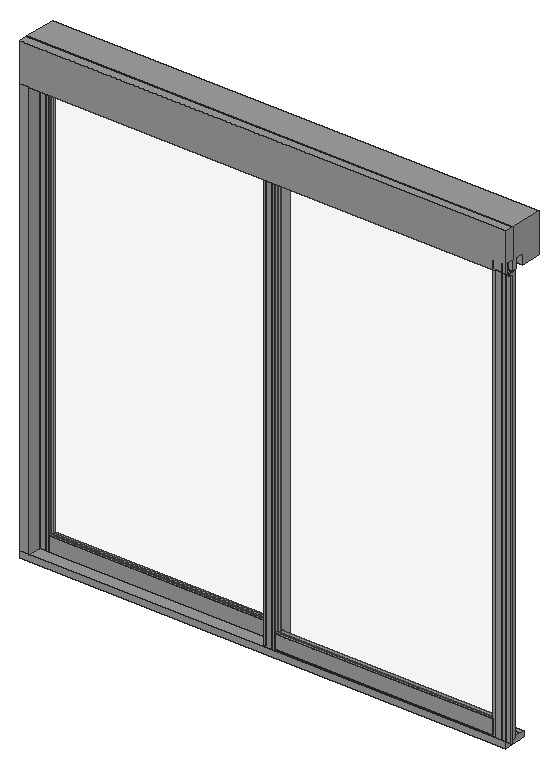
Revit family "Agta_Record_SldngDrset_THERMCORD-E-STA_WallBased", category Doors, host Wall, Revit 2012 (continued)
Definition of nested family "THERMCORD E-STA"
  Definition of nested family "Inner Panel"
    Automatic sketch dimensions
      plane 1 "Center (Front/Back)" to Masking region 1 sketch curve = 0.00 mm
      Masking region 1 sketch curve to Masking region 1 sketch curve = 38.00 mm
      plane 13 to Masking region 1 sketch curve = 0.00 mm
      plane 14 to Masking region 1 sketch curve = 0.00 mm
      curve 5 to curve 6 = 35.355 mm
      curve 5 to curve 7 = 35.355 mm
      curve 8 to curve 5 = 35.355 mm
      curve 9 to curve 7 = 0.00 mm
      curve 7 to curve 5 = 35.355 mm
      curve 9 to curve 8 = 35.355 mm
  Definition of nested family "Outer Panel Right"
    Parameters (values of type "Outer Panel Right")
      Panel Height = 2200.00 mm
      Panel Glass = Sliding Door, Laminated Safety Glass (Clear)
      Panel Frames = Sliding Door, Aluminium
      Outer Panel Width Right = 813.18 mm
    Reference planes
      plane 1 "Center (Front/Back)": y = 0
      plane 2: z = 0
      plane 3 "Center (Left/Right)": x = 0
      plane 4: x = 813.18
      plane 5: z = 2200
      plane 6: x = 767.18
      plane 7: x = 46
      plane 8: z = 2163
      plane 9 "Above": z = 66
      plane 10: x = 781.18
      plane 11: x = 32
      plane 12: x = 30.68
      plane 13: x = 796.93
    Forms (mm)
      Extrusion 1, solid, material "Sliding Door, Aluminium" <- "Panel Frames"
        sketch origin (0, 0, 0) x (1, 0, 0) y (0, 1, 0)
          loop
            line (0, 0) -> (46, 0) -> (46, 2) -> (30, 2) -> (30, 36) -> (46, 36) -> (46, 38) -> (0, 38) -> (0, 0)
        from 0 to 2200
      Extrusion 2, solid, material "Sliding Door, Aluminium" <- "Panel Frames"
        sketch origin (591.5, 0, 0) x (-1, 0, 0) y (0, -1, 0)
          loop
            line (-221.68, 0) -> (-221.68, -38) -> (-175.68, -38) -> (-175.68, -36) -> (-191.68, -36) -> (-191.68, -2) -> (-175.68, -2) -> (-175.68, 0) -> (-221.68, 0)
        from 0 to 2200
      Extrusion 3, solid, material "Sliding Door, Aluminium" <- "Panel Frames"
        sketch origin (75, 0, 0) x (0, 1, 0) y (0, 0, 1)
          loop
            line (0, 2200) -> (0, 2150) -> (2.5, 2150) -> (2.5, 2166) -> (35.5, 2166) -> (35.5, 2150) -> (38, 2150) -> (38, 2200) -> (0, 2200)
        from -29 to 692.18
      Extrusion 4, solid, material "Sliding Door, Laminated Safety Glass (Clear)" <- "Panel Glass"
        sketch origin (0, 0, 0) x (1, 0, 0) y (0, 1, 0)
          loop
            line (32, 34) -> (32, 4) -> (781.18, 4) -> (781.18, 34) -> (32, 34)
        from 66 to 2163
      Extrusion 5, solid, material "Sliding Door, Aluminium" <- "Panel Frames"
        sketch origin (20, 0, 0) x (0, 1, 0) y (0, 0, 1)
          loop
            line (0, 5) -> (2.25, 5) -> (2.25, 0) -> (35.25, 0) -> (35.25, 5) -> (38, 5) -> (38, 77) -> (35.5, 77) -> (35.5, 61) -> (2.5, 61) -> (2.5, 77) -> (0, 77) -> (0, 5)
        from 26 to 747.18
    Lines and regions (mm)
      Masking region 1
        outline origin (0, 0, 0) x (1, 0, 0) y (0, 1, 0)
          loop
            line (0, 38) -> (0, 0) -> (30.68, 0) -> (813.18, 0) -> (813.18, 38) -> (796.93, 38) -> (30.68, 38) -> (0, 38)
      symbolic lines, detail levels medium+fine
        curve 1: line (767.18, 38, 66) -> (767.18, 0, 66)
        curve 2: line (46, 38, 66) -> (46, 0, 66)
      symbolic lines, detail levels fine
        curve 3: line (46, 34, 66) -> (767.18, 34, 66)
        curve 4: line (46, 4, 66) -> (767.18, 4, 66)
    Dimensions and locks
      "Panel Height": plane 5 to plane 2
      locked: plane 7 to plane 3 "Center (Left/Right)" at 46
      locked: plane 6 to plane 4 at 46
      locked: plane 5 to plane 8 at 37
      locked: plane 9 "Above" to level at 66
      locked: plane 4 to plane 10 at 32
      locked: plane 11 to plane 3 "Center (Left/Right)" at 32
      locked: plane 13 to plane 4 at 16.25
      "Outer Panel Width Right": plane 4 to plane 3 "Center (Left/Right)"
      aligned and locked: plane 2 to level
      aligned and locked: plane 5 to Extrusion 2
      aligned and locked: plane 5 to Extrusion 1
      aligned and locked: Extrusion 3 to plane 7
      aligned and locked: Extrusion 3 to plane 6
      aligned and locked: plane 8 to Extrusion 4
      aligned and locked: Extrusion 4 to plane 9 "Above"
      aligned and locked: Extrusion 4 to plane 10
      aligned and locked: Extrusion 4 to plane 11
      aligned and locked: Extrusion 1 to level
      aligned and locked: Extrusion 2 to level
      aligned and locked: Extrusion 5 to plane 6
      aligned and locked: Extrusion 5 to plane 7
      aligned and locked: Masking region 1 sketch curve to plane 3 "Center (Left/Right)"
      aligned and locked: Masking region 1 sketch curve to plane 4
      aligned and locked: plane 6 to curve 1
      aligned and locked: curve 2 to plane 7
    Automatic sketch dimensions
      Extrusion 1 sketch curve to plane 3 "Center (Left/Right)" = 0.00 mm
      Extrusion 1 sketch curve to plane 7 = 0.00 mm  (x2)
      plane 1 "Center (Front/Back)" to Extrusion 1 sketch curve = 0.00 mm
      Extrusion 1 sketch curve to plane 11 = 2.00 mm
      Extrusion 1 sketch curve to Extrusion 1 sketch curve = 2.00 mm  (x2)
      Extrusion 1 sketch curve to Extrusion 1 sketch curve = 34.00 mm
      Extrusion 2 sketch curve to plane 4 = 0.00 mm
      Extrusion 2 sketch curve to plane 6 = 0.00 mm  (x2)
      plane 1 "Center (Front/Back)" to Extrusion 2 sketch curve = 0.00 mm
      plane 10 to Extrusion 2 sketch curve = 2.00 mm
      Extrusion 2 sketch curve to Extrusion 2 sketch curve = 2.00 mm  (x2)
      Extrusion 2 sketch curve to Extrusion 2 sketch curve = 34.00 mm
      Extrusion 3 sketch curve to plane 1 "Center (Front/Back)" = 0.00 mm
      Extrusion 3 sketch curve to plane 5 = 0.00 mm
      Extrusion 3 sketch curve to plane 1 "Center (Front/Back)" = 2.50 mm
      plane 8 to Extrusion 3 sketch curve = 3.00 mm
      Extrusion 3 sketch curve to Extrusion 3 sketch curve = 33.00 mm
      Extrusion 3 sketch curve to Extrusion 3 sketch curve = 2.50 mm
      Extrusion 3 sketch curve to plane 8 = 13.00 mm  (x2)
      Extrusion 4 sketch curve to plane 11 = 0.00 mm
      Extrusion 4 sketch curve to plane 10 = 0.00 mm
      Extrusion 4 sketch curve to plane 1 "Center (Front/Back)" = 4.00 mm
      Extrusion 4 sketch curve to Extrusion 4 sketch curve = 30.00 mm
      Extrusion 5 sketch curve to plane 1 "Center (Front/Back)" = 0.00 mm
      Extrusion 5 sketch curve to level = 0.00 mm
      Extrusion 5 sketch curve to plane 1 "Center (Front/Back)" = 2.25 mm
      Extrusion 5 sketch curve to plane 1 "Center (Front/Back)" = 2.50 mm
      level to Extrusion 5 sketch curve = 5.00 mm
      Extrusion 5 sketch curve to Extrusion 5 sketch curve = 33.00 mm  (x2)
      plane 9 "Above" to Extrusion 5 sketch curve = 11.00 mm  (x2)
      Extrusion 5 sketch curve to Extrusion 5 sketch curve = 2.50 mm
      Extrusion 5 sketch curve to Extrusion 5 sketch curve = 5.00 mm
      Extrusion 5 sketch curve to plane 9 "Above" = 5.00 mm
      plane 1 "Center (Front/Back)" to Masking region 1 sketch curve = 0.00 mm
      Masking region 1 sketch curve to Masking region 1 sketch curve = 38.00 mm
      Masking region 1 sketch curve to plane 12 = 0.00 mm  (x2)
      Masking region 1 sketch curve to plane 13 = 0.00 mm
      plane 1 "Center (Front/Back)" to curve 2 = 0.00 mm
      plane 1 "Center (Front/Back)" to curve 1 = 0.00 mm
      curve 4 to curve 1 = 4.00 mm
      curve 3 to curve 4 = 30.00 mm
      curve 1 to curve 3 = 4.00 mm
      curve 2 to curve 3 = 4.00 mm
  Definition of nested family "Inner Panel Profile"
    Parameters (values of type "Inner Panel Profile")
      Panel Frames = Sliding Door, Aluminium
      Modified Profile = no
      Interlancing Profile Height = 2195.00 mm
      Inner Panel Profile = yes
      Distance to Wall = 63.00 mm
      Clear Height of Passage = 2150.00 mm
    Reference planes
      plane 1 "Center (Front/Back)": y = 0
      plane 2: z = 0
      plane 3 "Center (Left/Right)": x = 0
      plane 4: z = 2195
      plane 5 "Above": z = 40
      plane 6: z = 2150
    Forms (mm)
      Extrusion 1, solid, material "Sliding Door, Aluminium" <- "Panel Frames", visible <- "Inner Panel Profile"
        sketch origin (0, 0, 0) x (1, 0, 0) y (0, 1, 0)
          loop
            line (0, 0) -> (0, 38) -> (-51, 38) -> (-51, 36) -> (-35, 36) -> (-35, 2) -> (-51, 2) -> (-51, 0) -> (0, 0)
        from 0 to 2195
      Extrusion 2, solid, material "Sliding Door, Aluminium" <- "Panel Frames", visible <- "Modified Profile"
        sketch origin (0, 0, 0) x (1, 0, 0) y (0, 1, 0)
          loop
            line (0, 0) -> (0, 38) -> (-51, 38) -> (-51, 36) -> (-35, 36) -> (-35, 0) -> (0, 0)
        from 0 to 2195
      Extrusion 3, solid, material "Sliding Door, Aluminium" <- "Panel Frames", visible <- "Modified Profile"
        sketch origin (0, 0, 0) x (1, 0, 0) y (0, 1, 0)
          loop
            line (-51, 36) -> (-51, -63) -> (-5.5, -63) -> (-5.5, 0) -> (-35, 0) -> (-35, 36) -> (-51, 36)
        from 0 to 2150
    Lines and regions (mm)
      Masking region 1, visible <- "Inner Panel Profile"
        outline origin (0, 0, 0) x (1, 0, 0) y (0, 1, 0)
          loop
            line (-51, 38) -> (-51, 36) -> (-35, 36) -> (-35, 2) -> (-51, 2) -> (-51, 0) -> (0, 0) -> (0, 38) -> (-51, 38)
      Masking region 2, visible <- "Modified Profile"
        outline origin (0, 0, 0) x (1, 0, 0) y (0, 1, 0)
          loop
            line (-51, 36) -> (-35, 36) -> (-35, 0) -> (0, 0) -> (0, 38) -> (-51, 38) -> (-51, 36)
      Masking region 3, visible <- "Modified Profile"
        outline origin (0, 0, 0) x (1, 0, 0) y (0, 1, 0)
          loop
            line (-51, 36) -> (-51, -63) -> (-5.5, -63) -> (-5.5, 0) -> (-35, 0) -> (-35, 36) -> (-51, 36)
    Dimensions and locks
      "Interlancing Profile Height": plane 4 to level
      "Distance to Wall": Extrusion 3 sketch curve to plane 1 "Center (Front/Back)"
      "Clear Height of Passage": plane 6 to level
      aligned and locked: plane 4 to Extrusion 1
      aligned and locked: plane 4 to Extrusion 2
      aligned and locked: Masking region 3 sketch curve to Extrusion 3
      aligned and locked: plane 6 to Extrusion 3
    Automatic sketch dimensions
      Extrusion 1 sketch curve to plane 3 "Center (Left/Right)" = 0.00 mm
      plane 1 "Center (Front/Back)" to Extrusion 1 sketch curve = 0.00 mm
      Extrusion 1 sketch curve to plane 3 "Center (Left/Right)" = 35.00 mm
      Extrusion 1 sketch curve to Extrusion 1 sketch curve = 16.00 mm  (x2)
      Extrusion 1 sketch curve to plane 1 "Center (Front/Back)" = 2.00 mm
      Extrusion 1 sketch curve to Extrusion 1 sketch curve = 34.00 mm
      Extrusion 1 sketch curve to Extrusion 1 sketch curve = 2.00 mm
      Extrusion 2 sketch curve to plane 3 "Center (Left/Right)" = 0.00 mm
      Extrusion 2 sketch curve to plane 3 "Center (Left/Right)" = 35.00 mm
      Extrusion 2 sketch curve to Extrusion 2 sketch curve = 16.00 mm
      Extrusion 2 sketch curve to Extrusion 2 sketch curve = 2.00 mm
      plane 1 "Center (Front/Back)" to Extrusion 2 sketch curve = 0.00 mm
      Extrusion 2 sketch curve to plane 1 "Center (Front/Back)" = 36.00 mm
      plane 1 "Center (Front/Back)" to Masking region 1 sketch curve = 0.00 mm
      Masking region 1 sketch curve to plane 3 "Center (Left/Right)" = 0.00 mm
      Masking region 1 sketch curve to plane 3 "Center (Left/Right)" = 35.00 mm
      Masking region 1 sketch curve to Masking region 1 sketch curve = 16.00 mm  (x2)
      Masking region 1 sketch curve to plane 1 "Center (Front/Back)" = 2.00 mm
      Masking region 1 sketch curve to Masking region 1 sketch curve = 34.00 mm
      Masking region 1 sketch curve to Masking region 1 sketch curve = 2.00 mm
      plane 1 "Center (Front/Back)" to Masking region 2 sketch curve = 0.00 mm
      Masking region 2 sketch curve to plane 3 "Center (Left/Right)" = 0.00 mm
      Masking region 2 sketch curve to plane 3 "Center (Left/Right)" = 35.00 mm
      Masking region 2 sketch curve to Masking region 2 sketch curve = 16.00 mm
      Masking region 2 sketch curve to plane 1 "Center (Front/Back)" = 36.00 mm
      Masking region 2 sketch curve to Masking region 2 sketch curve = 2.00 mm
      plane 1 "Center (Front/Back)" to Extrusion 3 sketch curve = 0.00 mm
      Extrusion 3 sketch curve to plane 3 "Center (Left/Right)" = 5.50 mm
      Extrusion 3 sketch curve to Extrusion 3 sketch curve = 29.50 mm
      Extrusion 3 sketch curve to Extrusion 3 sketch curve = 16.00 mm
      Extrusion 3 sketch curve to Extrusion 3 sketch curve = 36.00 mm
      plane 1 "Center (Front/Back)" to Masking region 3 sketch curve = 0.00 mm
      Masking region 3 sketch curve to plane 3 "Center (Left/Right)" = 51.00 mm
      Masking region 3 sketch curve to Masking region 3 sketch curve = 16.00 mm
      Masking region 3 sketch curve to plane 3 "Center (Left/Right)" = 5.50 mm
      Masking region 3 sketch curve to Masking region 3 sketch curve = 36.00 mm
Types (9, lengths in mm): name | WallMountingProfile | TotalWidth | TotalHeight | SupportLengthRight | SupportLengthLeft | Side void right | Side void left | Right Panel | Left Panel | Interlacing profile right | Interlacing profile left | Interlacing profile 1 | IfcExportType | IfcExportAs | DriveUnitHeight | Width | Rough Height | NominalWidth | NominalHeight | Height | DoorSeal
  (no name) | yes | 2497.00 | 2350.00 | 674.00 | 1823.00 | 46.00 | 1175.50 | no | yes | no | yes | yes | "Door" | "IfcDoorStyle" | 200.00 | 2497.00 | 2356.00 | 2497.00 | 2350.00 | 2350.00 | "1"
  THERMCORD E-STA-L 150mm drive unit height - left - with side panel | yes | 2497.00 | 2300.00 | 674.00 | 1823.00 | 46.00 | 1175.50 | no | yes | no | yes | yes | "n/a" | "n/a" | 150.00 | 2497.00 | 2306.00 | 2497.00 | 2300.00 | 2300.00 | "yes"
  THERMCORD E-STA-L 150mm drive unit height - left - without side panels | no | 1305.50 | 2300.00 | 674.00 | 1823.00 | 46.00 | 0.00 | no | no | no | yes | no | "n/a" | "n/a" | 150.00 | 1305.50 | 2306.00 | 1305.50 | 2300.00 | 2300.00 | "1"
  THERMCORD E-STA-R 150mm drive unit height - right - with side panel | yes | 2497.00 | 2300.00 | 1823.00 | 674.00 | 1175.50 | 46.00 | yes | no | yes | no | yes | "n/a" | "n/a" | 150.00 | 2497.00 | 2306.00 | 2497.00 | 2300.00 | 2300.00 | "1"
  THERMCORD E-STA-R 150mm drive unit height - right - without side panels | no | 1305.50 | 2300.00 | 1823.00 | 674.00 | 0.00 | 46.00 | no | no | yes | no | no | "n/a" | "n/a" | 150.00 | 1305.50 | 2306.00 | 1305.50 | 2300.00 | 2300.00 | "1"
  THERMCORD E-STA-L 200mm drive unit height - left - with side panel | yes | 2497.00 | 2350.00 | 674.00 | 1823.00 | 46.00 | 1175.50 | no | yes | no | yes | yes | "Door" | "IfcDoorStyle" | 200.00 | 2497.00 | 2356.00 | 2497.00 | 2350.00 | 2350.00 | "1"
  THERMCORD E-STA-L 200mm drive unit height - left - without side panels | no | 1305.50 | 2350.00 | 674.00 | 1823.00 | 46.00 | 0.00 | no | no | no | yes | no | "n/a" | "n/a" | 200.00 | 1305.50 | 2356.00 | 1305.50 | 2350.00 | 2350.00 | "1"
  THERMCORD E-STA-R 200mm drive unit height - right - with side panel | yes | 2497.00 | 2350.00 | 1823.00 | 674.00 | 1175.50 | 46.00 | yes | no | yes | no | yes | "n/a" | "n/a" | 200.00 | 2497.00 | 2356.00 | 2497.00 | 2350.00 | 2350.00 | "1"
  THERMCORD E-STA-R 200mm drive unit height - right - without side panels | no | 1305.50 | 2350.00 | 1823.00 | 674.00 | 0.00 | 46.00 | no | no | yes | no | no | "n/a" | "n/a" | 200.00 | 1305.50 | 2356.00 | 1305.50 | 2350.00 | 2350.00 | "1"
